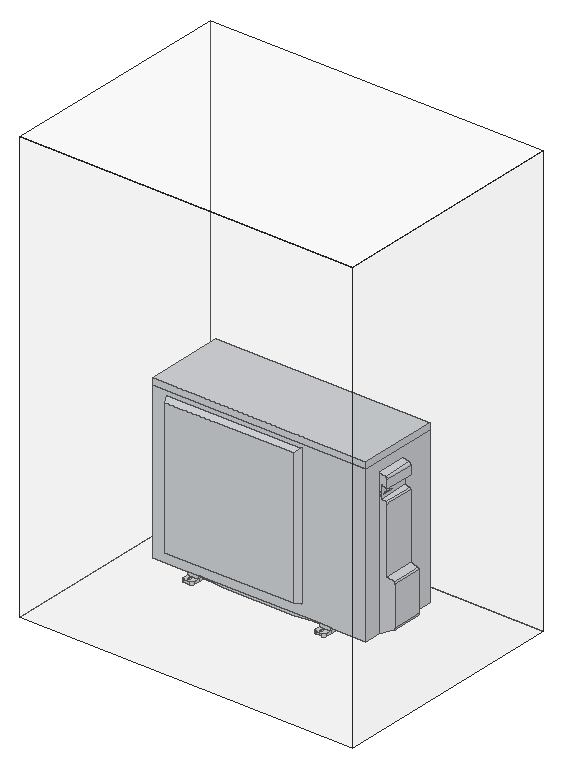
Revit family "puzg-mp2m_2_50hz", category 機械設備, Revit 2019 (continued)
Definition of nested family "PUZ-ZRMP-1"
  Lines and regions (mm)
    model lines, visible <- "タイプ3", not visible
      curve 342: line (-404.5, -100, 907) -> (-404.5, -60, 907)
      curve 343: line (-404.5, -100, 1097) -> (-404.5, -100, 907)
      curve 344: line (-404.5, -60, 1097) -> (-404.5, -100, 1097)
      curve 345: line (-404.5, -60, 907) -> (-404.5, -60, 1097)
      curve 346: line (-404.5, 60, 907) -> (-404.5, 100, 907)
      curve 347: line (-404.5, 60, 1097) -> (-404.5, 60, 907)
      curve 348: line (-404.5, 100, 1097) -> (-404.5, 60, 1097)
      curve 349: line (-404.5, 100, 907) -> (-404.5, 100, 1097)
      curve 350: line (-404.5, -46.667, 907) -> (-404.5, -6.667, 907)
      curve 351: line (-404.5, -46.667, 1097) -> (-404.5, -46.667, 907)
      curve 352: line (-404.5, -6.667, 1097) -> (-404.5, -46.667, 1097)
      curve 353: line (-404.5, -6.667, 907) -> (-404.5, -6.667, 1097)
      curve 354: line (-404.5, 6.667, 907) -> (-404.5, 46.667, 907)
      curve 355: line (-404.5, 6.667, 1097) -> (-404.5, 6.667, 907)
      curve 356: line (-404.5, 46.667, 1097) -> (-404.5, 6.667, 1097)
      curve 357: line (-404.5, 46.667, 907) -> (-404.5, 46.667, 1097)
      curve 358: line (-404.5, -100, 1112) -> (-404.5, -60, 1112)
      curve 359: line (-404.5, -100, 1302) -> (-404.5, -100, 1112)
      curve 360: line (-404.5, -60, 1302) -> (-404.5, -100, 1302)
      curve 361: line (-404.5, -60, 1112) -> (-404.5, -60, 1302)
      curve 362: line (-404.5, 60, 1112) -> (-404.5, 100, 1112)
      curve 363: line (-404.5, 60, 1302) -> (-404.5, 60, 1112)
      curve 364: line (-404.5, 100, 1302) -> (-404.5, 60, 1302)
      curve 365: line (-404.5, 100, 1112) -> (-404.5, 100, 1302)
      curve 366: line (-404.5, -46.667, 1112) -> (-404.5, -6.667, 1112)
      curve 367: line (-404.5, -46.667, 1302) -> (-404.5, -46.667, 1112)
      curve 368: line (-404.5, -6.667, 1302) -> (-404.5, -46.667, 1302)
      curve 369: line (-404.5, -6.667, 1112) -> (-404.5, -6.667, 1302)
      curve 370: line (-404.5, 6.667, 1112) -> (-404.5, 46.667, 1112)
      curve 371: line (-404.5, 6.667, 1302) -> (-404.5, 6.667, 1112)
      curve 372: line (-404.5, 46.667, 1302) -> (-404.5, 6.667, 1302)
      curve 373: line (-404.5, 46.667, 1112) -> (-404.5, 46.667, 1302)
    model lines, visible <- "タイプ2", not visible
      curve 374: line (-600, -100, 33.5) -> (-600, -60, 33.5)
      curve 375: line (-600, -100, 73.5) -> (-600, -100, 33.5)
      curve 376: line (-600, -60, 73.5) -> (-600, -100, 73.5)
      curve 377: line (-600, -60, 33.5) -> (-600, -60, 73.5)
      curve 378: line (-600, 60, 33.5) -> (-600, 100, 33.5)
      curve 379: line (-600, 60, 73.5) -> (-600, 60, 33.5)
      curve 380: line (-600, 100, 73.5) -> (-600, 60, 73.5)
      curve 381: line (-600, 100, 33.5) -> (-600, 100, 73.5)
      curve 382: line (-509, -46.667, 33.5) -> (-509, -6.667, 33.5)
      curve 383: line (-509, -46.667, 73.5) -> (-509, -46.667, 33.5)
      curve 384: line (-509, -6.667, 73.5) -> (-509, -46.667, 73.5)
      curve 385: line (-509, -6.667, 33.5) -> (-509, -6.667, 73.5)
      curve 386: line (-509, 6.667, 33.5) -> (-509, 46.667, 33.5)
      curve 387: line (-509, 6.667, 73.5) -> (-509, 6.667, 33.5)
      curve 388: line (-509, 46.667, 73.5) -> (-509, 6.667, 73.5)
      curve 389: line (-509, 46.667, 33.5) -> (-509, 46.667, 73.5)
      curve 483: line (-404.5, -100, 33.5) -> (-404.5, -60, 33.5)
      curve 484: line (-404.5, -100, 73.5) -> (-404.5, -100, 33.5)
      curve 485: line (-404.5, -60, 73.5) -> (-404.5, -100, 73.5)
      curve 486: line (-404.5, -60, 33.5) -> (-404.5, -60, 73.5)
      curve 487: line (-404.5, 60, 33.5) -> (-404.5, 100, 33.5)
      curve 488: line (-404.5, 60, 73.5) -> (-404.5, 60, 33.5)
      curve 489: line (-404.5, 100, 73.5) -> (-404.5, 60, 73.5)
      curve 490: line (-404.5, 100, 33.5) -> (-404.5, 100, 73.5)
      curve 491: line (-404.5, -46.667, 33.5) -> (-404.5, -6.667, 33.5)
      curve 492: line (-404.5, -46.667, 73.5) -> (-404.5, -46.667, 33.5)
      curve 493: line (-404.5, -6.667, 73.5) -> (-404.5, -46.667, 73.5)
      curve 494: line (-404.5, -6.667, 33.5) -> (-404.5, -6.667, 73.5)
      curve 495: line (-404.5, 6.667, 33.5) -> (-404.5, 46.667, 33.5)
      curve 496: line (-404.5, 6.667, 73.5) -> (-404.5, 6.667, 33.5)
      curve 497: line (-404.5, 46.667, 73.5) -> (-404.5, 6.667, 73.5)
      curve 498: line (-404.5, 46.667, 33.5) -> (-404.5, 46.667, 73.5)
    model lines, not visible
      curve 390: line (-404.5, -100, 87) -> (-404.5, -60, 87)
      curve 391: line (-404.5, -100, 277) -> (-404.5, -100, 87)
      curve 392: line (-404.5, -60, 277) -> (-404.5, -100, 277)
      curve 393: line (-404.5, -60, 87) -> (-404.5, -60, 277)
      curve 394: line (-404.5, -100, 292) -> (-404.5, -60, 292)
      curve 395: line (-404.5, -100, 482) -> (-404.5, -100, 292)
      curve 396: line (-404.5, -60, 482) -> (-404.5, -100, 482)
      curve 397: line (-404.5, -60, 292) -> (-404.5, -60, 482)
      curve 398: line (-404.5, -100, 497) -> (-404.5, -60, 497)
      curve 399: line (-404.5, -100, 687) -> (-404.5, -100, 497)
      curve 400: line (-404.5, -60, 687) -> (-404.5, -100, 687)
      curve 401: line (-404.5, -60, 497) -> (-404.5, -60, 687)
      curve 402: line (-404.5, -100, 702) -> (-404.5, -60, 702)
      curve 403: line (-404.5, -100, 892) -> (-404.5, -100, 702)
      curve 404: line (-404.5, -60, 892) -> (-404.5, -100, 892)
      curve 405: line (-404.5, -60, 702) -> (-404.5, -60, 892)
      curve 406: line (-404.5, 60, 87) -> (-404.5, 100, 87)
      curve 407: line (-404.5, 60, 277) -> (-404.5, 60, 87)
      curve 408: line (-404.5, 100, 277) -> (-404.5, 60, 277)
      curve 409: line (-404.5, 100, 87) -> (-404.5, 100, 277)
      curve 410: line (-404.5, -46.667, 87) -> (-404.5, -6.667, 87)
      curve 411: line (-404.5, -46.667, 277) -> (-404.5, -46.667, 87)
      curve 412: line (-404.5, -6.667, 277) -> (-404.5, -46.667, 277)
      curve 413: line (-404.5, -6.667, 87) -> (-404.5, -6.667, 277)
      curve 414: line (-404.5, 6.667, 87) -> (-404.5, 46.667, 87)
      curve 415: line (-404.5, 6.667, 277) -> (-404.5, 6.667, 87)
      curve 416: line (-404.5, 46.667, 277) -> (-404.5, 6.667, 277)
      curve 417: line (-404.5, 46.667, 87) -> (-404.5, 46.667, 277)
      curve 418: line (-404.5, 60, 292) -> (-404.5, 100, 292)
      curve 419: line (-404.5, 60, 482) -> (-404.5, 60, 292)
      curve 420: line (-404.5, 100, 482) -> (-404.5, 60, 482)
      curve 421: line (-404.5, 100, 292) -> (-404.5, 100, 482)
      curve 422: line (-404.5, 60, 702) -> (-404.5, 100, 702)
      curve 423: line (-404.5, 60, 892) -> (-404.5, 60, 702)
      curve 424: line (-404.5, 100, 892) -> (-404.5, 60, 892)
      curve 425: line (-404.5, 100, 702) -> (-404.5, 100, 892)
      curve 426: line (-404.5, -46.667, 292) -> (-404.5, -6.667, 292)
      curve 427: line (-404.5, -46.667, 482) -> (-404.5, -46.667, 292)
      curve 428: line (-404.5, -6.667, 482) -> (-404.5, -46.667, 482)
      curve 429: line (-404.5, -6.667, 292) -> (-404.5, -6.667, 482)
      curve 430: line (-404.5, -46.667, 497) -> (-404.5, -6.667, 497)
      curve 431: line (-404.5, -46.667, 687) -> (-404.5, -46.667, 497)
      curve 432: line (-404.5, -6.667, 687) -> (-404.5, -46.667, 687)
      curve 433: line (-404.5, -6.667, 497) -> (-404.5, -6.667, 687)
      curve 434: line (-404.5, -46.667, 702) -> (-404.5, -6.667, 702)
      curve 435: line (-404.5, -46.667, 892) -> (-404.5, -46.667, 702)
      curve 436: line (-404.5, -6.667, 892) -> (-404.5, -46.667, 892)
      curve 437: line (-404.5, -6.667, 702) -> (-404.5, -6.667, 892)
      curve 438: line (-404.5, 6.667, 292) -> (-404.5, 46.667, 292)
      curve 439: line (-404.5, 6.667, 482) -> (-404.5, 6.667, 292)
      curve 440: line (-404.5, 46.667, 482) -> (-404.5, 6.667, 482)
      curve 441: line (-404.5, 46.667, 292) -> (-404.5, 46.667, 482)
      curve 442: line (-404.5, 6.667, 497) -> (-404.5, 46.667, 497)
      curve 443: line (-404.5, 6.667, 687) -> (-404.5, 6.667, 497)
      curve 444: line (-404.5, 46.667, 687) -> (-404.5, 6.667, 687)
      curve 445: line (-404.5, 46.667, 497) -> (-404.5, 46.667, 687)
      curve 446: line (-404.5, 6.667, 702) -> (-404.5, 46.667, 702)
      curve 447: line (-404.5, 6.667, 892) -> (-404.5, 6.667, 702)
      curve 448: line (-404.5, 46.667, 892) -> (-404.5, 6.667, 892)
      curve 449: line (-404.5, 46.667, 702) -> (-404.5, 46.667, 892)
      curve 450: line (-338.5, -173.2, 372.5) -> (149.5, -173.2, 372.5)
      curve 451: line (149.5, -173.2, 277.5) -> (-338.5, -173.2, 277.5)
      curve 452: line (-338.5, -173.2, 467.5) -> (149.5, -173.2, 467.5)
      curve 453: line (-338.5, -173.2, 562.5) -> (149.5, -173.2, 562.5)
      curve 454: line (149.5, -173.2, 182.5) -> (-338.5, -173.2, 182.5)
      curve 455: line (149.5, -173.2, 87.5) -> (-338.5, -173.2, 87.5)
      curve 456: line (-321.071, -173.2, 579) -> (-321.071, -173.2, 71)
      curve 457: line (132.071, -173.2, 71) -> (132.071, -173.2, 579)
      curve 458: line (-303.643, -173.2, 579) -> (-303.643, -173.2, 71)
      curve 459: line (-286.214, -173.2, 579) -> (-286.214, -173.2, 71)
      curve 460: line (-268.786, -173.2, 579) -> (-268.786, -173.2, 71)
      curve 461: line (-251.357, -173.2, 579) -> (-251.357, -173.2, 71)
      curve 462: line (-233.929, -173.2, 579) -> (-233.929, -173.2, 71)
      curve 463: line (-216.5, -173.2, 579) -> (-216.5, -173.2, 71)
      curve 464: line (-199.071, -173.2, 579) -> (-199.071, -173.2, 71)
      curve 465: line (-181.643, -173.2, 579) -> (-181.643, -173.2, 71)
      curve 466: line (-164.214, -173.2, 579) -> (-164.214, -173.2, 71)
      curve 467: line (-146.786, -173.2, 579) -> (-146.786, -173.2, 71)
      curve 468: line (-129.357, -173.2, 579) -> (-129.357, -173.2, 71)
      curve 469: line (-111.929, -173.2, 579) -> (-111.929, -173.2, 71)
      curve 470: line (-94.5, -173.2, 579) -> (-94.5, -173.2, 71)
      curve 471: line (-77.071, -173.2, 579) -> (-77.071, -173.2, 71)
      curve 472: line (-59.643, -173.2, 579) -> (-59.643, -173.2, 71)
      curve 473: line (-42.214, -173.2, 579) -> (-42.214, -173.2, 71)
      curve 474: line (-24.786, -173.2, 579) -> (-24.786, -173.2, 71)
      curve 475: line (-7.357, -173.2, 579) -> (-7.357, -173.2, 71)
      curve 476: line (10.071, -173.2, 579) -> (10.071, -173.2, 71)
      curve 477: line (27.5, -173.2, 579) -> (27.5, -173.2, 71)
      curve 478: line (44.929, -173.2, 579) -> (44.929, -173.2, 71)
      curve 479: line (62.357, -173.2, 579) -> (62.357, -173.2, 71)
      curve 480: line (79.786, -173.2, 579) -> (79.786, -173.2, 71)
      curve 481: line (97.214, -173.2, 579) -> (97.214, -173.2, 71)
      curve 482: line (114.643, -173.2, 579) -> (114.643, -173.2, 71)
    symbolic lines, visible <- "タイプ1"
      curve 499: line (-278.151, 150, 630) -> (-404.5, 150, 630)
      curve 500: line (-404.5, 150, 630) -> (-404.5, -5.599, 630)
      curve 501: line (-404.5, 40, 630) -> (-424.5, 30, 630)
      curve 502: line (-424.5, 30, 630) -> (-424.5, -30, 630)
      curve 503: line (-424.5, -30, 630) -> (-404.5, -40, 630)
      curve 504: line (-404.5, -5.599, 630) -> (-404.5, -150, 630)
      curve 505: line (-404.5, -150, 630) -> (-301.612, -150, 630)
      curve 506: arc (-269.474, -173.2, 630) -> (-265.831, -178.124, 630) -> (-260, -180, 630) r 10
      curve 507: line (-260, -180, 630) -> (-240, -180, 630)
      curve 508: arc (-240, -180, 630) -> (-234.169, -178.124, 630) -> (-230.526, -173.2, 630) r 10
      curve 509: line (-301.612, -150, 630) -> (280.999, -150, 630)
      curve 510: line (230, -150, 630) -> (230, -170, 630)
      curve 511: arc (230, -170, 630) -> (232.929, -177.071, 630) -> (240, -180, 630) r 10
      curve 512: line (240, -180, 630) -> (260, -180, 630)
      curve 513: arc (260, -180, 630) -> (267.071, -177.071, 630) -> (270, -170, 630) r 10
      curve 514: line (270, -170, 630) -> (270, -150, 630)
      curve 515: line (280.999, -150, 630) -> (404.5, -150, 630)
      curve 516: line (404.5, -150, 630) -> (404.5, -77.105, 630)
      curve 517: line (404.5, -90, 630) -> (466.5, -90, 630)
      curve 518: line (466.5, -90, 630) -> (466.5, 20, 630)
      curve 519: line (466.5, 20, 630) -> (404.5, 20, 630)
      curve 520: line (404.5, -77.105, 630) -> (404.5, 150, 630)
      curve 521: line (404.5, 150, 630) -> (308.975, 150, 630)
      curve 522: line (270, 150, 630) -> (270, 180, 630)
      curve 523: line (270, 180, 630) -> (230, 180, 630)
      curve 524: line (230, 180, 630) -> (230, 150, 630)
      curve 525: line (308.975, 150, 630) -> (-278.151, 150, 630)
      curve 526: line (-230, 150, 630) -> (-230, 180, 630)
      curve 527: line (-230, 180, 630) -> (-270, 180, 630)
      curve 528: line (-270, 180, 630) -> (-270, 150, 630)
      curve 529: line (-324.5, 100, 630) -> (324.5, 100, 630)
      curve 530: line (-324.5, 40, 630) -> (-324.5, 100, 630)
      curve 531: line (324.5, 40, 630) -> (-324.5, 40, 630)
      curve 532: line (324.5, 100, 630) -> (324.5, 40, 630)
      curve 533: line (324.5, 30, 630) -> (-324.5, 30, 630)
      curve 534: line (324.5, -30, 630) -> (324.5, 30, 630)
      curve 535: line (-324.5, -30, 630) -> (324.5, -30, 630)
      curve 536: line (-324.5, 30, 630) -> (-324.5, -30, 630)
      curve 537: line (-324.5, -40, 630) -> (324.5, -40, 630)
      curve 538: line (-324.5, -100, 630) -> (-324.5, -40, 630)
      curve 539: line (324.5, -100, 630) -> (-324.5, -100, 630)
      curve 540: line (324.5, -40, 630) -> (324.5, -100, 630)
      curve 541: line (339.5, 100, 630) -> (354.5, 100, 630)
      curve 542: line (339.5, -100, 630) -> (339.5, 100, 630)
      curve 543: line (354.5, -100, 630) -> (339.5, -100, 630)
      curve 544: line (354.5, 100, 630) -> (354.5, -100, 630)
      curve 545: line (-354.5, 100, 630) -> (-339.5, 100, 630)
      curve 546: line (-354.5, -100, 630) -> (-354.5, 100, 630)
      curve 547: line (-339.5, -100, 630) -> (-354.5, -100, 630)
      curve 548: line (-339.5, 100, 630) -> (-339.5, -100, 630)
      curve 549: line (-338.5, -173.2, 630) -> (149.5, -173.2, 630)
      curve 550: line (149.5, -173.2, 630) -> (159.5, -150, 630)
      curve 551: line (-348.5, -150, 630) -> (-338.5, -173.2, 630)
  Dimensions and locks
    equal spacing: plane 8, plane 1 "中心(正面/背面)", plane 7
    "奥行き": plane 8 to plane 7
    equal spacing: plane 5, plane 3 "中心(左/右)", plane 6
    "幅さ": plane 5 to plane 6
    "高さ": plane 4 to level
    locked: plane 6 to plane 9 at 62
    locked: plane 8 to plane 10 at 60
    locked: plane 8 to plane 11 at 170
    locked: plane 4 to plane 12 at 25
    locked: plane 13 to plane 5 at 20
    "吊りボルト-D": plane 17 to plane 16
    equal spacing: plane 17, plane 1 "中心(正面/背面)", plane 16
    equal spacing: plane 14, plane 3 "中心(左/右)", plane 15
    "吊りボルト-W": plane 14 to plane 15
    plane 21 to plane 14 to plane 20 = 20 mm locked, 20 mm locked
    plane 19 to plane 15 to plane 18 = 20 mm locked, 20 mm locked
    locked: plane 16 to plane 22 at 15
    locked: plane 23 to plane 17 at 15
    locked: plane 24 to level at 8.5
    locked: plane 25 to level at 20
    locked: plane 26 to plane 24 at 3
    locked: plane 4 to plane 29 at 5
    plane 7 to plane 1 "中心(正面/背面)" to plane 8 = 150 mm, 150 mm
    plane 31 to plane 1 "中心(正面/背面)" to plane 30 = 40 mm locked, 40 mm locked
    plane 33 to plane 1 "中心(正面/背面)" to plane 32 = 30 mm locked, 30 mm locked
    locked: plane 34 to plane 12 at 5
    locked: plane 35 to level at 55
    locked: plane 36 to level at 225
    equal spacing: plane 6, plane 39, plane 9
    locked: plane 6 to plane 38 at 10
    locked: plane 20 to plane 27 at 95
    locked: plane 28 to plane 19 at 95
    "換気-D": plane 40 to plane 8
    "換気-W": plane 41 to plane 5
    "換気-H1": plane 42 to level
    plane 43 to plane 41 to plane 44 = 254 mm locked, 254 mm locked
    plane 45 to plane 42 to plane 46 = 264 mm locked, 264 mm locked
    locked: plane 43 to plane 48 at 10
    locked: plane 47 to plane 44 at 10
    locked: plane 45 to plane 49 at 10
    locked: plane 50 to plane 46 at 10
    locked: curve 26 to plane 50 at 16.5
    locked: plane 49 to curve 24 at 16.5
    equal spacing: curve 24, curve 23, curve 21, curve 22, curve 25, curve 26
    equal spacing: plane 48, curve 28, curve 53, curve 52, curve 51, curve 50, curve 49, curve 48, curve 47, curve 46, curve 45, curve 44, curve 43, curve 42, curve 41, curve 40, curve 39, curve 38, curve 37, curve 36, curve 35, curve 34, curve 33, curve 32, curve 31, curve 30, curve 29, curve 27, plane 47
    locked: curve 4 to curve 6 at 10
    locked: curve 3 to curve 5 at 10
    locked: plane 51 to plane 7 at 50
    locked: plane 8 to plane 52 at 50
    equal spacing: group 1, group 2, group 3, group 4, group 5, group 6, group 7, group 8, group 9, group 10, group 11, group 12, group 13, group 14, group 15, group 16, group 17, group 18  (x2)
    equal spacing: group 18, group 17, group 16, group 15, group 14, group 13, group 12, group 11, group 10, group 9, group 8, group 7, group 6, group 5, group 4, group 3, group 2, group 1
    "ドレン管径-X": plane 5 to plane 53
    "ドレン管径-Y": plane 8 to plane 54
    "配線取出口-Y": plane 57 to plane 7
    "冷媒液管径-Y": plane 58 to plane 7
    "冷媒ガス管径-Y": plane 59 to plane 7
    "配線取出口-X": plane 3 "中心(左/右)" to plane 56
    "冷媒ガス管径-X": plane 3 "中心(左/右)" to plane 55
    "冷媒液管径-X": plane 3 "中心(左/右)" to plane 60
    "冷媒液管径-Z": plane 62 to level
    "冷媒ガス管径-Z": plane 61 to level
    "配線取出口-Z": plane 63 to level
    locked: plane 57 to plane 64 at 50
    locked: plane 65 to plane 61 at 37.8
    locked: plane 66 to plane 62 at 16.1
    equal spacing: plane 55, plane 67, plane 60
    equal spacing: plane 58, plane 68, plane 59
    "a": plane 69 "グループ" to plane 3 "中心(左/右)"
    plane 71 to level = 943 mm
    plane 70 to level = 1338 mm
    locked: plane 37 to level at 570
    curve 21 to plane 42 to curve 22 = 47.5 mm locked, 47.5 mm locked
    "換気-H2": plane 72 to plane 42
    plane 73 to plane 72 to plane 74 = 264 mm locked, 264 mm locked
    locked: plane 76 to plane 74 at 10
    locked: plane 73 to plane 75 at 10
    plane 48 to plane 47 = 488 mm
    plane 68 to plane 7 = 185.5 mm
    plane 61 to level = 99.5 mm
    plane 65 to plane 61 = 37.8 mm
    plane 62 to level = 164.5 mm
    plane 66 to plane 62 = 16.1 mm
    plane 68 to plane 77 to plane 78 = 23 mm locked, 17.5 mm locked
    plane 68 to plane 77 = 23 mm
    plane 77 to plane 78 = 17.5 mm
    equal spacing: plane 77, plane 79, plane 78
    "ドレン配管サイズ": diameter of Extrusion 3 sketch curve
    "配線取出口サイズ": diameter of Extrusion 9 sketch curve
    "吊りボルト-φ": diameter of Extrusion 10 sketch curve  (x4)
    "冷媒配管サイズ": diameter of Sweep 11 sketch curve
    "ガス配管サイズ": diameter of Sweep 12 sketch curve
    aligned and locked: level to plane 2
    aligned and locked: Extrusion 1 to level
    aligned and locked: plane 25 to Extrusion 1
    aligned and locked: Extrusion 2 sketch curve to plane 25
    aligned and locked: Extrusion 2 sketch curve to plane 26
    aligned and locked: Extrusion 2 to plane 7
    aligned and locked: plane 8 to Extrusion 2
    aligned and locked: Extrusion 3 to plane 26
    aligned and locked: Extrusion 3 to plane 24
    aligned and locked: Extrusion 4 sketch curve to plane 7
    aligned and locked: Extrusion 4 sketch curve to plane 8
    aligned and locked: Extrusion 4 sketch curve to plane 5
    aligned and locked: Extrusion 4 sketch curve to plane 6
    aligned and locked: Extrusion 4 to plane 25
    aligned and locked: plane 12 to Extrusion 4
    aligned and locked: Extrusion 5 sketch curve to Extrusion 4  (x4)
    aligned and locked: Extrusion 5 to plane 12
    aligned and locked: plane 4 to Extrusion 5
    aligned and locked: plane 29 to Blend 6 sketch curve
    aligned and locked: Blend 6 sketch curve to plane 31
    aligned and locked: Blend 6 sketch curve to plane 12  (x2)
    aligned and locked: plane 30 to Blend 6 sketch curve
    aligned and locked: plane 34 to Blend 6 sketch curve
    aligned and locked: Blend 6 sketch curve to plane 33
    aligned and locked: plane 32 to Blend 6 sketch curve
    aligned and locked: Blend 6 to plane 13
    aligned and locked: plane 5 to Blend 6
    aligned and locked: Extrusion 7 sketch curve to plane 6
    aligned and locked: Extrusion 7 sketch curve to plane 9
    aligned and locked: Extrusion 7 sketch curve to plane 39
    aligned and locked: Extrusion 7 sketch curve to Extrusion 7 sketch curve
    aligned and locked: Extrusion 7 sketch curve to plane 38
    aligned and locked: Extrusion 7 to plane 11
    aligned and locked: plane 10 to Extrusion 7
    aligned and locked: Blend 8 sketch curve to plane 45
    aligned and locked: Blend 8 sketch curve to plane 46
    aligned and locked: Blend 8 sketch curve to plane 44
    aligned and locked: Blend 8 sketch curve to plane 43
    aligned and locked: Blend 8 sketch curve to plane 49
    aligned and locked: Blend 8 sketch curve to plane 47
    aligned and locked: Blend 8 sketch curve to plane 48
    aligned and locked: Blend 8 sketch curve to plane 50
    aligned and locked: Blend 8 to plane 8
    aligned and locked: plane 40 to Blend 8
    aligned and locked: curve 17 to plane 51
    aligned and locked: curve 1 to plane 51
    aligned and locked: plane 51 to curve 19
    aligned and locked: curve 18 to plane 52
    aligned and locked: plane 52 to curve 2
    aligned and locked: plane 52 to curve 20
    aligned and locked: plane 53 to Extrusion 3 sketch curve
    aligned and locked: plane 54 to Extrusion 3 sketch curve
    aligned and locked: plane 63 to Extrusion 9 sketch curve
    aligned and locked: plane 56 to Extrusion 9 sketch curve
    aligned and locked: plane 57 to Extrusion 9
    aligned and locked: Extrusion 9 to plane 64
    aligned and locked: plane 22 to Extrusion 10 sketch curve  (x4)
    aligned and locked: plane 21 to Extrusion 10 sketch curve
    aligned and locked: Extrusion 2 to Extrusion 10 sketch curve  (x2)
    aligned and locked: Extrusion 10 sketch curve to Extrusion 1  (x6)
    aligned and locked: plane 19 to Extrusion 10 sketch curve
    aligned and locked: Extrusion 10 sketch curve to plane 23  (x2)
    aligned and locked: Extrusion 10 sketch curve to plane 18
    aligned and locked: Extrusion 10 sketch curve to plane 20
    aligned and locked: plane 16 to Extrusion 10 sketch curve  (x2)
    aligned and locked: plane 14 to Extrusion 10 sketch curve  (x2)
    aligned and locked: plane 17 to Extrusion 10 sketch curve  (x2)
    aligned and locked: plane 15 to Extrusion 10 sketch curve  (x2)
    aligned and locked: level to Extrusion 10
    aligned and locked: plane 24 to Extrusion 10
    aligned and locked: Masking region 1 sketch curve to Extrusion 5  (x4)
    aligned and locked: Masking region 1 sketch curve to Blend 6  (x3)
    aligned and locked: Masking region 1 sketch curve to Extrusion 7  (x2)
    aligned and locked: Masking region 1 sketch curve to plane 9
    aligned and locked: Masking region 1 sketch curve to Extrusion 10  (x8)
    aligned and locked: Masking region 1 to curve 499
    aligned and locked: curve 500 to Masking region 1
    aligned and locked: curve 501 to Masking region 1
    aligned and locked: curve 502 to Masking region 1
    aligned and locked: curve 503 to Masking region 1
    aligned and locked: curve 504 to Masking region 1
    aligned and locked: curve 505 to Masking region 1
    aligned and locked: curve 506 to Masking region 1
    aligned and locked: curve 508 to Masking region 1
    aligned and locked: curve 510 to Masking region 1
    aligned and locked: curve 511 to Masking region 1
    aligned and locked: curve 513 to Masking region 1
    aligned and locked: Masking region 1 to curve 515
    aligned and locked: curve 516 to Masking region 1
    aligned and locked: curve 517 to Masking region 1
    aligned and locked: curve 518 to Masking region 1
    aligned and locked: curve 519 to Masking region 1
    aligned and locked: curve 520 to Masking region 1
    aligned and locked: curve 521 to Masking region 1
    aligned and locked: curve 522 to Masking region 1
    aligned and locked: curve 523 to Masking region 1
    aligned and locked: curve 524 to Masking region 1
    aligned and locked: curve 525 to Masking region 1
    aligned and locked: curve 526 to Masking region 1
    aligned and locked: curve 527 to Masking region 1
    aligned and locked: curve 528 to Masking region 1
    aligned and locked: curve 532 to curve 12
    aligned and locked: Masking region 1 sketch curve to curve 21
    aligned and locked: Masking region 1 sketch curve to Blend 8  (x2)
    aligned and locked: curve 549 to Blend 8
    aligned and locked: curve 550 to Blend 8
    aligned and locked: curve 551 to Blend 8
    aligned and locked: plane 78 to Sweep 12 sketch curve
    aligned and locked: plane 58 to Sweep 12 sketch curve
    aligned and locked: plane 77 to Sweep 11 sketch curve
    aligned and locked: plane 58 to Sweep 11 sketch curve
    aligned and locked: plane 61 to Sweep 12 sketch curve
  Automatic sketch dimensions
    Extrusion 2 sketch curve to plane 20 = 0 mm
    Extrusion 2 sketch curve to plane 27 = 0 mm
    Extrusion 2 sketch curve to plane 28 = 0 mm
    Extrusion 2 sketch curve to plane 19 = 0 mm
    Extrusion 7 sketch curve to plane 39 = 0 mm
    Extrusion 7 sketch curve to plane 25 = 0 mm
    Extrusion 7 sketch curve to plane 36 = 0 mm
    Extrusion 7 sketch curve to plane 37 = 0 mm
    Extrusion 7 sketch curve to Extrusion 7 sketch curve = 10 mm
    Extrusion 7 sketch curve to plane 39 = 6.58 mm
    Extrusion 7 sketch curve to Extrusion 7 sketch curve = 5 mm  (x2)
    plane 39 to Extrusion 7 sketch curve = 21 mm
    Extrusion 7 sketch curve to plane 39 = 3.29 mm
    Extrusion 7 sketch curve to plane 9 = 3.29 mm
    Extrusion 7 sketch curve to plane 35 = 2.87 mm
    Extrusion 7 sketch curve to Extrusion 7 sketch curve = 81.633 mm
    Extrusion 7 sketch curve to Extrusion 7 sketch curve = 30.244 mm
    Extrusion 7 sketch curve to Extrusion 7 sketch curve = 7.643 mm
    plane 7 to Extrusion 1 sketch curve = 0 mm  (x2)
    Extrusion 1 sketch curve to plane 18 = 0 mm
    plane 8 to Extrusion 1 sketch curve = 0 mm  (x2)
    Extrusion 1 sketch curve to plane 19 = 0 mm
    Extrusion 1 sketch curve to plane 20 = 0 mm
    Extrusion 1 sketch curve to plane 21 = 0 mm
    curve 383 to curve 384 = 40 mm
    curve 382 to curve 386 = 13.333 mm
    curve 386 to curve 386 = 40 mm
    curve 382 to curve 389 = 0 mm
    curve 382 to curve 384 = 40 mm
    curve 384 to curve 387 = 0 mm
    curve 375 to curve 376 = 40 mm
    curve 374 to curve 378 = 120 mm
    curve 378 to curve 378 = 40 mm
    curve 374 to curve 381 = 0 mm
    curve 374 to curve 376 = 40 mm
    curve 378 to curve 379 = 40 mm
    curve 25 to plane 47 = 0 mm
    curve 24 to plane 47 = 0 mm
    curve 22 to plane 47 = 0 mm
    curve 23 to plane 47 = 0 mm
    curve 26 to plane 47 = 0 mm
    curve 21 to plane 47 = 0 mm
    curve 24 to plane 48 = 0 mm
    curve 25 to plane 48 = 0 mm
    curve 26 to plane 48 = 0 mm
    curve 23 to plane 48 = 0 mm
    curve 22 to plane 48 = 0 mm
    curve 21 to plane 48 = 0 mm
    curve 37 to plane 50 = 0 mm
    curve 52 to plane 50 = 0 mm
    curve 51 to plane 50 = 0 mm
    curve 50 to plane 50 = 0 mm
    curve 49 to plane 50 = 0 mm
    curve 48 to plane 50 = 0 mm
    curve 47 to plane 50 = 0 mm
    curve 46 to plane 50 = 0 mm
    curve 45 to plane 50 = 0 mm
    curve 44 to plane 50 = 0 mm
    curve 43 to plane 50 = 0 mm
    curve 42 to plane 50 = 0 mm
    curve 41 to plane 50 = 0 mm
    curve 27 to plane 50 = 0 mm
    curve 28 to plane 50 = 0 mm
    curve 40 to plane 50 = 0 mm
    curve 39 to plane 50 = 0 mm
    curve 29 to plane 50 = 0 mm
    curve 38 to plane 50 = 0 mm
    curve 30 to plane 50 = 0 mm
    curve 53 to plane 50 = 0 mm
    curve 31 to plane 50 = 0 mm
    curve 36 to plane 50 = 0 mm
    curve 32 to plane 50 = 0 mm
    curve 35 to plane 50 = 0 mm
    curve 33 to plane 50 = 0 mm
    curve 34 to plane 50 = 0 mm
    curve 28 to plane 49 = 0 mm
    curve 41 to plane 49 = 0 mm
    curve 27 to plane 49 = 0 mm
    curve 42 to plane 49 = 0 mm
    curve 31 to plane 49 = 0 mm
    curve 40 to plane 49 = 0 mm
    curve 37 to plane 49 = 0 mm
    curve 39 to plane 49 = 0 mm
    curve 32 to plane 49 = 0 mm
    curve 45 to plane 49 = 0 mm
    curve 36 to plane 49 = 0 mm
    curve 46 to plane 49 = 0 mm
    curve 43 to plane 49 = 0 mm
    curve 47 to plane 49 = 0 mm
    curve 29 to plane 49 = 0 mm
    curve 48 to plane 49 = 0 mm
    curve 30 to plane 49 = 0 mm
    curve 49 to plane 49 = 0 mm
    curve 44 to plane 49 = 0 mm
    curve 50 to plane 49 = 0 mm
    curve 33 to plane 49 = 0 mm
    curve 51 to plane 49 = 0 mm
    curve 35 to plane 49 = 0 mm
    curve 52 to plane 49 = 0 mm
    curve 38 to plane 49 = 0 mm
    curve 53 to plane 49 = 0 mm
    curve 34 to plane 49 = 0 mm
    Masking region 1 sketch curve to plane 5 = 0 mm
    Masking region 1 sketch curve to plane 6 = 0 mm
    plane 7 to Masking region 1 sketch curve = 0 mm  (x2)
    Masking region 1 sketch curve to plane 15 = 10 mm
    Masking region 1 sketch curve to plane 19 = 0 mm
    plane 8 to Masking region 1 sketch curve = 0 mm  (x2)
    plane 32 to curve 535 = 0 mm
    plane 33 to curve 534 = 0 mm
    curve 541 to plane 56 = 45.5 mm
    curve 13 to curve 20 = 15 mm
    plane 18 to curve 535 = 54.5 mm
    curve 532 to curve 6 = 0 mm
    curve 537 to curve 5 = 0 mm
    plane 47 to curve 536 = 14 mm
    plane 47 to curve 538 = 14 mm
    plane 47 to curve 1 = 14 mm
    curve 16 to plane 47 = 1 mm
    curve 15 to plane 44 = 6 mm
    plane 1 "中心(正面/背面)" to curve 504 = 5.599 mm
    curve 528 to curve 499 = 8.151 mm
    curve 521 to curve 522 = 38.975 mm
    curve 516 to plane 10 = 12.895 mm
    curve 515 to curve 514 = 10.999 mm
    plane 40 to Masking region 1 sketch curve = 0 mm
    Masking region 1 sketch curve to plane 40 = 3.2 mm  (x2)
    Masking region 1 sketch curve to plane 14 = 10 mm
    Masking region 1 sketch curve to plane 20 = 0.526 mm
    curve 509 to plane 21 = 31.612 mm
    plane 40 to curve 506 = 0 mm
    plane 40 to curve 508 = 0 mm
    Sweep 12 sketch curve to plane 65 = 0 mm
    Sweep 11 sketch curve to plane 62 = 0 mm
    Sweep 11 sketch curve to plane 66 = 0 mm
    plane 17 to Extrusion 10 sketch curve = 0 mm  (x2)
    Extrusion 10 sketch curve to plane 40 = 3.2 mm  (x5)
    Extrusion 10 sketch curve to plane 15 = 10 mm
    Extrusion 10 sketch curve to Extrusion 10 sketch curve = 0 mm
    Sweep 11 sketch curve to plane 67 = 0 mm
    Sweep 11 sketch curve to profile plane = 0 mm
    Sweep 12 sketch curve to plane 67 = 0 mm
    Sweep 12 sketch curve to profile plane = 0 mm
Definition of nested family "固定点"
  Parameters (values of type "固定点")
    中心円 = if(W > 599 mm, 12 mm, 10 mm)  # 12 mm
    W = 1000 mm
    D = 1000 mm
  Reference planes
    plane 1 "中心(正面/背面)": y = 0
    plane 2: z = 0
    plane 3 "中心(左/右)": x = 0
    plane 4: x = 1000
    plane 5: y = 1000
  Lines and regions (mm)
    symbolic lines, detail levels fine
      curve 1: circle (0, 1000, 0) r 6 normal (0, 0, 1)
      curve 2: circle (0, 0, 0) r 6 normal (0, 0, 1)
      curve 3: circle (1000, 1000, 0) r 6 normal (0, 0, 1)
      curve 4: circle (1000, 0, 0) r 6 normal (0, 0, 1)
      curve 5: line (-200, 1000, 0) -> (1200, 1000, 0)
      curve 6: line (-200, 0, 0) -> (1200, 0, 0)
      curve 7: line (0, 1200, 0) -> (0, -200, 0)
      curve 8: line (1000, 1200, 0) -> (1000, -200, 0)
  Dimensions and locks
    "W": plane 3 "中心(左/右)" to plane 4
    "D": plane 1 "中心(正面/背面)" to plane 5
    "中心円": diameter of curve 1
    "中心円": diameter of curve 2
    "中心円": diameter of curve 3
    "中心円": diameter of curve 4
    aligned and locked: level to plane 2
    aligned and locked: plane 5 to curve 1
    aligned and locked: plane 3 "中心(左/右)" to curve 1
    aligned and locked: plane 3 "中心(左/右)" to curve 2
    aligned and locked: plane 1 "中心(正面/背面)" to curve 2
    aligned and locked: plane 4 to curve 3
    aligned and locked: plane 5 to curve 3
    aligned and locked: plane 1 "中心(正面/背面)" to curve 4
    aligned and locked: plane 4 to curve 4
    aligned and locked: plane 1 "中心(正面/背面)" to curve 6
    aligned and locked: curve 7 to plane 3 "中心(左/右)"
    aligned and locked: curve 8 to plane 4
  Automatic sketch dimensions
    curve 5 to plane 5 = 0 mm
    curve 6 to plane 3 "中心(左/右)" = 200 mm
    curve 5 to plane 3 "中心(左/右)" = 200 mm
    curve 4 to curve 6 = 200 mm
    curve 3 to curve 5 = 200 mm
    plane 1 "中心(正面/背面)" to curve 8 = 200 mm
    plane 1 "中心(正面/背面)" to curve 7 = 200 mm
    curve 3 to curve 8 = 200 mm
    curve 1 to curve 7 = 200 mm
Types (3, lengths in mm): name | 音響パワーレベル（暖）(dB) | 運転方法 | 構成品番 | 暖房能力 | URL
  (no name) | 0 | "冷房専用" | "PUG-MP2MKA2" | 0 kW | "https://www.mitsubishielectric.co.jp/ldg/wink/ssl/displayProduct.do?pid=311533&ccd=2020103123"
  室外機_PUZG-MP2MKA2 | 67 | "冷暖切替" | "PUZG-MP2MKA2" | 5.6 kW | "https://www.mitsubishielectric.co.jp/ldg/wink/ssl/displayProduct.do?pid=311527&ccd=2020103123"
  室外機_PUG-MP2MKA2 | 0 | "冷房専用" | "PUG-MP2MKA2" | 0 kW | "https://www.mitsubishielectric.co.jp/ldg/wink/ssl/displayProduct.do?pid=311533&ccd=2020103123"
